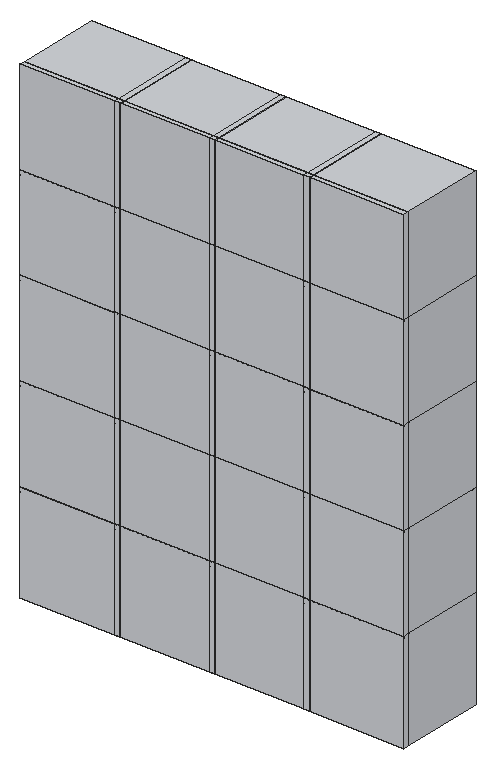
Revit family "Box3", category Casework, Revit 2024
Family settings
  Work Plane-Based = No
  Always vertical = Yes
  Cut with Voids When Loaded = No
  Shared = No
  Room Calculation Point = No
Parameters
  Yaxis_Width1 [instance] = Count_Yaxis * Y1  # 2650 mm
  Y1 [instance] = (BoxWidth_Yaxis + BoxPanel_Width)  # 530 mm
  Depth1 [instance] = 500 mm
  Depth = 500 mm
  Default Elevation = 0 mm
  Count_Yaxis [instance] = 5
  Count_Xaxis [instance] = 4
  BoxWidth_Yaxis [instance] = 500 mm
  BoxWidth_Xaxis [instance] = 500 mm
  BoxPanel_Width [instance] = 30 mm
  BackPanel_Width [instance] = 30 mm
Reference planes
  plane 1 "Center (Front/Back)": y = 0
  plane 2: z = 0
  plane 3 "Center (Left/Right)": x = 0
  plane 4: z = 530
  plane 5: z = 2650
Dimensions and locks
  "Y1": plane 4 to level
  equal spacing: group 1, group 2, group 3, group 4, group 5  (x2)
  equal spacing: group 5, group 4, group 3, group 2, group 1
  "Yaxis_Width1": plane 5 to level
  aligned and locked: level to plane 2
  aligned and locked: plane 3 "Center (Left/Right)" to nested 1
  aligned and locked: nested 1 to level
  aligned and locked: plane 4 to nested 2
  aligned and locked: plane 1 "Center (Front/Back)" to nested 1
  aligned and locked: plane 1 "Center (Front/Back)" to nested 2
Nested families
  nested 1: "Box2" at (0, 0, 0), Count_Xaxis <- "Count_Xaxis", BoxWidth_Xaxis <- "BoxWidth_Xaxis", BoxWidth_Yaxis <- "BoxWidth_Yaxis", BackPanel_Width <- "BackPanel_Width", BoxPanel_Width <- "BoxPanel_Width", SideWidth <- "Depth1", type "Box2"
    with Xaxis_Width1 2120 mm, X1 530 mm, SideWidth 500 mm, Count_Xaxis 4, BoxWidth_Yaxis 500 mm, BoxWidth_Xaxis 500 mm, BoxPanel_Width 30 mm, BackPanel_Width 30 mm
  nested 2: "Box2" at (0, 0, 530), Count_Xaxis <- "Count_Xaxis", BoxWidth_Xaxis <- "BoxWidth_Xaxis", BoxWidth_Yaxis <- "BoxWidth_Yaxis", BackPanel_Width <- "BackPanel_Width", BoxPanel_Width <- "BoxPanel_Width", SideWidth <- "Depth1", type "Box2"
    with Xaxis_Width1 2120 mm, X1 530 mm, SideWidth 500 mm, Count_Xaxis 4, BoxWidth_Yaxis 500 mm, BoxWidth_Xaxis 500 mm, BoxPanel_Width 30 mm, BackPanel_Width 30 mm
  nested 3: "Box2" at (0, 0, 1060), Count_Xaxis <- "Count_Xaxis", BoxWidth_Xaxis <- "BoxWidth_Xaxis", BoxWidth_Yaxis <- "BoxWidth_Yaxis", BackPanel_Width <- "BackPanel_Width", BoxPanel_Width <- "BoxPanel_Width", SideWidth <- "Depth1", type "Box2"
    with Xaxis_Width1 2120 mm, X1 530 mm, SideWidth 500 mm, Count_Xaxis 4, BoxWidth_Yaxis 500 mm, BoxWidth_Xaxis 500 mm, BoxPanel_Width 30 mm, BackPanel_Width 30 mm
  nested 4: "Box2" at (0, 0, 1590), Count_Xaxis <- "Count_Xaxis", BoxWidth_Xaxis <- "BoxWidth_Xaxis", BoxWidth_Yaxis <- "BoxWidth_Yaxis", BackPanel_Width <- "BackPanel_Width", BoxPanel_Width <- "BoxPanel_Width", SideWidth <- "Depth1", type "Box2"
    with Xaxis_Width1 2120 mm, X1 530 mm, SideWidth 500 mm, Count_Xaxis 4, BoxWidth_Yaxis 500 mm, BoxWidth_Xaxis 500 mm, BoxPanel_Width 30 mm, BackPanel_Width 30 mm
  nested 5: "Box2" at (0, 0, 2120), Count_Xaxis <- "Count_Xaxis", BoxWidth_Xaxis <- "BoxWidth_Xaxis", BoxWidth_Yaxis <- "BoxWidth_Yaxis", BackPanel_Width <- "BackPanel_Width", BoxPanel_Width <- "BoxPanel_Width", SideWidth <- "Depth1", type "Box2"
    with Xaxis_Width1 2120 mm, X1 530 mm, SideWidth 500 mm, Count_Xaxis 4, BoxWidth_Yaxis 500 mm, BoxWidth_Xaxis 500 mm, BoxPanel_Width 30 mm, BackPanel_Width 30 mm
Definition of nested family "Box2"
  Parameters (values of type "Box2")
    Xaxis_Width1 [instance] = 2650 mm
    X1 [instance] = (BoxWidth_Xaxis + BoxPanel_Width)  # 530 mm
    SideWidth [instance] = 500 mm
    Default Elevation = 0 mm
    Count_Xaxis [instance] = 5
    BoxWidth_Yaxis [instance] = 500 mm
    BoxWidth_Xaxis [instance] = 500 mm
    BoxPanel_Width [instance] = 30 mm
    BackPanel_Width [instance] = 30 mm
  Reference planes
    plane 1 "Center (Front/Back)": y = 0
    plane 2: z = 0
    plane 3 "Center (Left/Right)": x = 0
    plane 4: x = 530
    plane 5: x = 2650
    plane 6: y = 419.703
    plane 7: y = 359.703
  Dimensions and locks
    equal spacing: group 1, group 2, group 3, group 4, group 5  (x3)
    "X1": plane 4 to plane 3 "Center (Left/Right)"
    "Xaxis_Width1": plane 5 to plane 3 "Center (Left/Right)"
    plane 6 to plane 7 = 60 mm
    aligned and locked: level to plane 2
    aligned and locked: plane 3 "Center (Left/Right)" to nested 1
    aligned and locked: nested 1 to level
    aligned and locked: nested 2 to level
    aligned and locked: plane 4 to nested 2
    aligned and locked: plane 1 "Center (Front/Back)" to nested 1
    aligned and locked: plane 1 "Center (Front/Back)" to nested 2
  Nested families
    nested 1: "Box1" at (0, 0, 0), BoxWidth_Xaxis <- "BoxWidth_Xaxis", BoxWidth_Yaxis <- "BoxWidth_Yaxis", BoxPanel_Width <- "BoxPanel_Width", Side_Width <- "SideWidth", BackPanel_Width <- "BackPanel_Width", type "Box1"
      with BackPanel_Width 30 mm
    nested 2: "Box1" at (530, 0, 0), BoxWidth_Xaxis <- "BoxWidth_Xaxis", BoxWidth_Yaxis <- "BoxWidth_Yaxis", BoxPanel_Width <- "BoxPanel_Width", Side_Width <- "SideWidth", BackPanel_Width <- "BackPanel_Width", type "Box1"
      with BackPanel_Width 30 mm
    nested 3: "Box1" at (1060, 0, 0), BoxWidth_Xaxis <- "BoxWidth_Xaxis", BoxWidth_Yaxis <- "BoxWidth_Yaxis", BoxPanel_Width <- "BoxPanel_Width", Side_Width <- "SideWidth", BackPanel_Width <- "BackPanel_Width", type "Box1"
      with BackPanel_Width 30 mm
    nested 4: "Box1" at (1590, 0, 0), BoxWidth_Xaxis <- "BoxWidth_Xaxis", BoxWidth_Yaxis <- "BoxWidth_Yaxis", BoxPanel_Width <- "BoxPanel_Width", Side_Width <- "SideWidth", BackPanel_Width <- "BackPanel_Width", type "Box1"
      with BackPanel_Width 30 mm
    nested 5: "Box1" at (2120, 0, 0), BoxWidth_Xaxis <- "BoxWidth_Xaxis", BoxWidth_Yaxis <- "BoxWidth_Yaxis", BoxPanel_Width <- "BoxPanel_Width", Side_Width <- "SideWidth", BackPanel_Width <- "BackPanel_Width", type "Box1"
      with BackPanel_Width 30 mm
  Definition of nested family "Box1"
    Parameters (values of type "Box1")
      BoxWidth_Yaxis [instance] = 500 mm
      BoxWidth_Xaxis [instance] = 500 mm
      Side_Width [instance] = 500 mm
      BoxPanel_Width [instance] = 30 mm
      Default Elevation = 0 mm
      BackPanel_Width [instance] = 30 mm
    Reference planes
      plane 1 "Back": y = 0
      plane 2: z = 0
      plane 3 "Center (Left/Right)": x = 0
      plane 4: x = 560
      plane 5: z = 560
      plane 6: z = 530
      plane 7: x = 530
      plane 8: x = 30
      plane 9: z = 30
      plane 10: y = 500
      plane 11: y = 30
    Forms (mm)
      Extrusion 1, solid
        sketch origin (0, 0, 0) x (1, 0, 0) y (0, 0, 1)
          loop
            line (0, 560) -> (0, 0) -> (560, 0) -> (560, 560) -> (0, 560)
          loop
            line (30, 530) -> (30, 30) -> (530, 30) -> (530, 530) -> (30, 530)
        from -30 to -500
      Extrusion 2, solid
        sketch origin (0, 0, 0) x (1, 0, 0) y (0, 0, 1)
          loop
            line (0, 560) -> (0, 0) -> (560, 0) -> (560, 560) -> (0, 560)
        from 0 to -30
    Dimensions and locks
      "BoxPanel_Width": plane 5 to plane 6
      "BoxPanel_Width": plane 9 to level
      "BoxPanel_Width": plane 8 to plane 3 "Center (Left/Right)"
      "BoxPanel_Width": plane 4 to plane 7
      "Side_Width": plane 10 to plane 1 "Back"
      "BoxWidth_Xaxis": plane 7 to plane 8
      "BoxWidth_Yaxis": plane 6 to plane 9
      "BackPanel_Width": plane 11 to plane 1 "Back"
      aligned and locked: level to plane 2
      aligned and locked: Extrusion 1 sketch curve to plane 5
      aligned and locked: plane 3 "Center (Left/Right)" to Extrusion 1 sketch curve
      aligned and locked: plane 2 to Extrusion 1 sketch curve
      aligned and locked: Extrusion 1 sketch curve to plane 4
      aligned and locked: Extrusion 1 sketch curve to plane 6
      aligned and locked: plane 8 to Extrusion 1 sketch curve
      aligned and locked: plane 9 to Extrusion 1 sketch curve
      aligned and locked: Extrusion 1 sketch curve to plane 7
      aligned and locked: plane 10 to Extrusion 1
      aligned and locked: plane 11 to Extrusion 1
      aligned and locked: Extrusion 2 sketch curve to Extrusion 1  (x4)
      aligned and locked: Extrusion 2 to plane 1 "Back"
      aligned and locked: Extrusion 2 to plane 11
